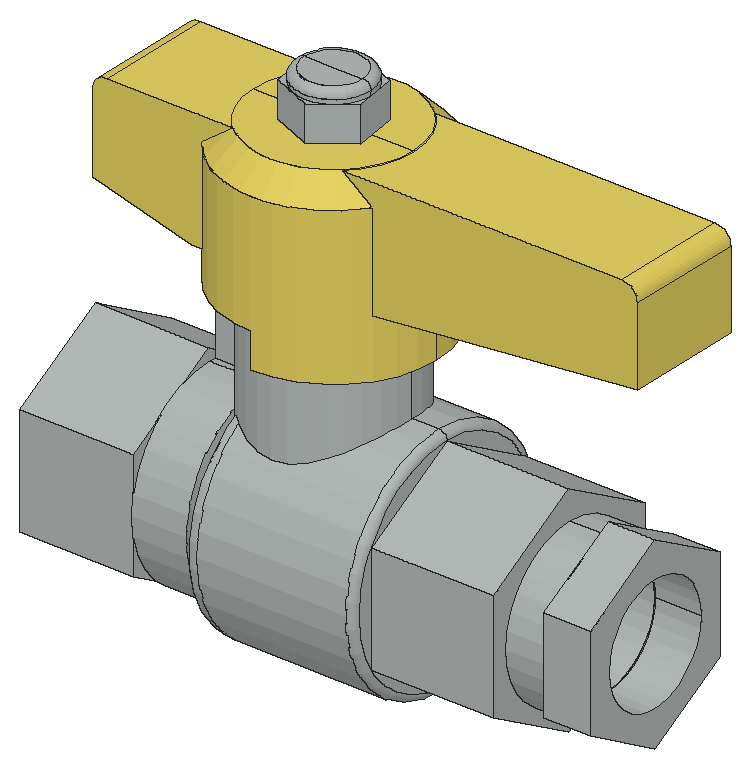
Revit family "QP12343110", category Apparecchi idraulici, Revit 2020
Family settings
  Quota connettore circolare = Usa diametro
  Tipo di parte = Normale
  Numero OmniClass = 23.45.00.00
  Titolo OmniClass = Sanitary, Laundry, and Cleaning Equipment
  Basato su piano di lavoro = No
  Sempre verticale = Sì
  Taglio con vuoti quando caricato = No
  Condiviso = No
  Punto di calcolo locali = No
Parameters
  URL = "https://web.cimberio.com/index.php/figura/1600?subcategoria_id="
  Prospetto di default = 0 mm
  Produttore = "CIMBERIO SPA"
  Modello = "Cim 802FPTRFE"
  Descrizione = "Utilizzato nell’impiantistica distributiva di gas a bassa pressione per le categorie:\r\nGas naturali: gas derivati dal petrolio (Metano) e gas di ricambio.\r\nGas di città: prodotti secondo i diversi procedimenti (Cracking - Cokerie - ecc.).\r\nGas liquidi: propano e miscele di gas propano/butano"
Reference planes
  plane 1 "Centro (Fronte/Retro)": y = 0
  plane 2: z = 0
  plane 3 "Centro (Sinistra/Destra)": x = 0
Forms (mm)
  Revolve 1, solid, material "_CIM Plastica maniglia"
    sketch origin (0, 0, -1.484) x (1, 0, 0) y (0, 0, 1)
      loop
        line (0, 47.3) -> (-10.25, 47.3) -> (-13.25, 44.3) -> (-13.25, 24.3) -> (-8.92, 24.3) -> (-8.92, 33.247) -> (0, 33.247) -> (0, 47.3)
      axis (0, 47.3) -> (0, 24.3)
    angle from 0 to 360
  Extrusion 2, void
    sketch origin (0, 0, 27.066) x (1, 0, 0) y (0, 1, 0)
      loop
        line (-8.682, 0) -> (-12.843, 0)
        arc (-12.843, 0) -> (-11.056, -11.86) -> (0, -16.51) r 12.25
        line (0, -16.51) -> (0, -7.437)
        arc (0, -7.437) -> (-5.627, -5.22) -> (-8.682, 0) r 9.25
    from -7.705 to 0.295
  Extrusion 3, solid, material "_CIM_Lega di ottone"
    sketch origin (0, 0, 45.816) x (0.380137, 0.92493, 0) y (-0.92493, 0.380137, 0)
      loop
        line (0, 5.6) -> (-4.85, 2.8) -> (-4.85, -2.8) -> (0, -5.6) -> (4.85, -2.8) -> (4.85, 2.8) -> (0, 5.6)
    from 0 to 4.5
  Revolve 4, solid, material "_CIM_Lega di ottone"
    sketch origin (0, 0, -1.484) x (1, 0, 0) y (0, 0, 1)
      loop
        line (0, 28.8) -> (0, 11.324) -> (10.003, 11.324) -> (10.003, 28.8) -> (0, 28.8)
      axis (0, 28.8) -> (0, 11.324)
    angle from 0 to 360
  Extrusion 5, solid, material "_CIM_Lega di ottone"
    sketch origin (0, 0, -1.484) x (1, 0, 0) y (0, 0, 1)
      loop
        line (-9, 27.8) -> (-14, 27.8) -> (-14, 15.632) -> (-9, 15.632) -> (-9, 27.8)
    from -1.5 to 1.5
  Revolve 6, solid, material "_CIM_Lega di ottone filetto"
    sketch origin (0, 0, -1.484) x (1, 0, 0) y (0, 0, 1)
      loop
        line (0, 33.247) -> (-8.299, 33.247) -> (-8.299, 31.791) -> (-7.423, 31.285) -> (-7.423, 30.49) -> (-8.299, 29.984) -> (-8.299, 29.189) -> (-7.423, 28.683) -> (-7.423, 27.74) -> (-8.299, 26.864) -> (-8.299, 25.951) -> (0, 25.951) -> (0, 33.247)
      axis (0, 33.247) -> (0, 25.951)
    angle from 0 to 360
  Revolve 7, solid, material "_CIM_Lega di ottone"
    sketch origin (0, 0, -1.484) x (1, 0, 0) y (0, 0, 1)
      loop
        line (0, 53.3) -> (0, 51.152) -> (4.75, 51.152) -> (4.75, 52.3)
        arc (4.75, 52.3) -> (4.457, 53.007) -> (3.75, 53.3) r 1
        line (3.75, 53.3) -> (0, 53.3)
      axis (0, 53.3) -> (0, 51.152)
    angle from 0 to 360
  Extrusion 8, solid, material "_CIM_Lega di ottone"
    sketch origin (-16, 0, 0) x (0, 0, 1) y (0, 1, 0)
      loop
        circle (0, 0) r 7.467
      loop
        line (14, 0) -> (7, 12.124) -> (-7, 12.124) -> (-14, 0) -> (-7, -12.124) -> (7, -12.124) -> (14, 0)
    from 0 to 14.6
  Revolve 9, solid, material "_CIM_Lega di ottone"
    sketch origin (0, 0, 0) x (1, 0, 0) y (0, 0, 1)
      loop
        line (-16, -7.467) -> (-16, -12.5) -> (-9, -12.5) -> (-6.646, -14.854)
        arc (-6.646, -14.854) -> (-6.13, -14.957) -> (-5.604, -15) r 4.499
        line (-5.604, -15) -> (13.501, -15)
        arc (13.501, -15) -> (14.207, -14.707) -> (14.5, -14) r 1
        line (14.5, -14) -> (14.5, -7.467) -> (-16, -7.467)
      axis (-16, 0) -> (14.5, 0)
    angle from 0 to 360
  Extrusion 10, solid, material "_CIM_Lega di ottone"
    sketch origin (0, 0, 0) x (0, 1, 0) y (0, 0, 1)
      loop
        circle (0, 0) r 7.467
      loop
        line (0, 14) -> (-12.124, 7) -> (-12.124, -7) -> (0, -14) -> (12.124, -7) -> (12.124, 7) -> (0, 14)
    from 14.5 to 30.2
  Extrusion 11, solid, material "_CIM Plastica maniglia"
    sketch origin (0, 0, 0) x (1, 0, 0) y (0, 0, 1)
      loop
        line (-25, 43.8) -> (-25, 33.8) -> (-12.266, 30.404) -> (11.043, 30.404) -> (45, 33.8) -> (45, 43.8)
        arc (45, 43.8) -> (44.414, 45.214) -> (43, 45.8) r 2
        line (43, 45.8) -> (-23, 45.8)
        arc (-23, 45.8) -> (-24.414, 45.214) -> (-25, 43.8) r 2
    from -7.434 to 7.499
  Extrusion 12, solid, material "_CIM_Lega di ottone"
    sketch origin (16, 0, 0) x (0, 0, 1) y (0, -1, 0)
      loop
        circle (0, 0) r 7.467
      loop
        line (12, 0) -> (6, 10.392) -> (-6, 10.392) -> (-12, 0) -> (-6, -10.392) -> (6, -10.392) -> (12, 0)
    from 19.256 to 25.256
  Revolve 13, solid, material "_CIM_Lega di ottone filetto"
    sketch origin (0, 0, 0) x (-1, 0, 0) y (0, 0, -1)
      loop
        line (-35.277, -10.3) -> (-30.129, -10.3) -> (-30.129, -7.5) -> (-35.277, -7.5) -> (-35.277, -10.3)
      axis (-35.277, 0) -> (-30.129, 0)
    angle from 0 to 360
Cuts and joins
  Extrusion 2 cuts Revolve 1
  joined: Revolve 4, Extrusion 5
Dimensions and locks
  aligned and locked: level to plane 2
Connectors
  piping at (41.256, 0, 0), diameter 15
    settings: on Extrusion 12, index 1, connector inside diameter 609.6 mm, connector length 0 mm, flow factor 0, pipe flow 0.0 L/s, pressure drop 0.0 Pa, fitting loss kfactor 0, connector angle 0.00°, fixture units 0, engagement length 0 mm, angle of deflection 0.00°, flow configuration 0, flow direction 0, fitting loss method 0, system type 7, joint type 0, gender type 0, connector reference index -1, connector utility 0, adjustable connector no, is connector primary yes, connector description ""
  piping at (-30.6, 0, 0), diameter 15
    settings: on Extrusion 8, index 2, connector inside diameter 609.6 mm, connector length 0 mm, flow factor 0, pipe flow 0.0 L/s, pressure drop 0.0 Pa, fitting loss kfactor 0, connector angle 0.00°, fixture units 0, engagement length 0 mm, angle of deflection 0.00°, flow configuration 0, flow direction 0, fitting loss method 0, system type 7, joint type 0, gender type 0, connector reference index -1, connector utility 0, adjustable connector no, is connector primary no, connector description ""
